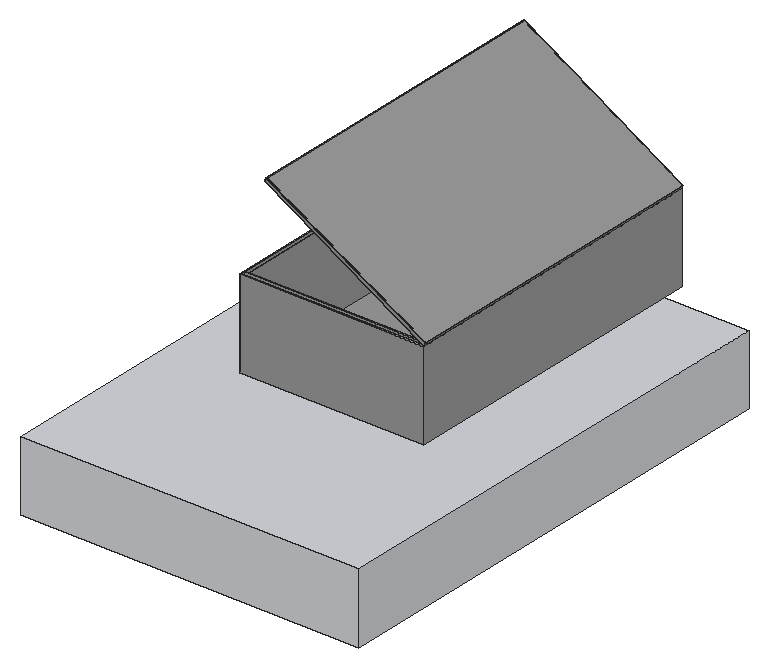
Revit family "Hager-Univers-IP55-D400-H1400-Cl.I-Steel_encl-CH-de", category Equipement électrique, Revit 2020
Family settings
  Hôte = Face
  Configuration du panneau = Deux colonnes, circuits au sein
  Cote de connecteur circulaire = Utiliser le diamètre
  Type d'élément = Tableau de raccordement
  Couper avec des vides une fois chargée = Non
  Partagée = Non
  Point de calcul de pièce = Non
Parameters (values of type "Aufputz IP55 B800 H1400 T400  - FR93G")
  Width Control [instance] = if([EF000008 - Breite] > Min Width, [EF000008 - Breite], Min Width)  # 800 mm
  Commentaires du type = [HG000003 - Bereich]  # "Univers"
  Thickness Door [instance] = if([EF009171 - Materialstärke Tür/Deckel] > 3 mm, 3 mm, [EF009171 - Materialstärke Tür/Deckel])  # 1.5 mm
  Seal Frame Offset [instance] = 17 mm  # constant formula
  Plinth Visibility [instance] = [HG000027 - Sockelhöhe] > 0 mm  # no
  Model = ""
  Min Width [instance] = 100 mm  # constant formula
  Min Height [instance] = 100 mm  # constant formula
  Min Depth [instance] = (2 * [EF009170 - Materialstärke Gehäuse]) + 1 mm  # 4 mm
  Internal Frame Depth [instance] = (Door System Depth * 0.5)  # 9 mm
  Height Control [instance] = if([EF000040 - Höhe] > Min Height, [EF000040 - Höhe], Min Height)  # 1400 mm
  HG000027 - Sockelhöhe = 0 mm
  HG000026 - Stehend auf dem Boden = no
  HG000024 - Höhe des unteren Teils = 800 mm
  HG000023 - Gehäuse mit doppeltem Querschnitt = no
  HG000016 - 3D-Türsichtbarkeit [instance] = yes
  HG000015 - Sichtbarkeit der Türöffnung [instance] = no
  HG000014 - Tür rechts [instance] = yes
  HG000013 - Tür links [instance] = not([HG000014 - Tür rechts])  # no
  HG000012 - Türschwenkwinkel [instance] = 30.00°
  HG000010 - Asymmetrische Türen = no
  HG000009 - Doppelflügeligen Tür = no
  HG000006 - Unterputz = no
  HG000004 - Herstellerreferenz = "FR93G"
  HG000003 - Bereich = "Univers"
  HG000002 - Mit tür = yes
  Frame Offset Bottom [instance] = 10 mm  # constant formula
  Frame Offset [instance] = 15 mm  # constant formula
  EF015940 - Deckel mit Überdruckentlastung = no
  EF011959 - Schutzart (NEMA) = ""
  EF009554 - Anzahl der Öffnungen für Flanschplatten = 6
  Fabricant = "Hager"  # constant formula
  EF009212 - Ausführung Deckel = "EV000116 - geschlossen"
  EF009171 - Materialstärke Tür/Deckel = 1.5 mm
  EF009170 - Materialstärke Gehäuse = 1.5 mm
  EF008873 - Nennstrom (In) = 800 A
  EF007800 - Geeignet für Blitzschutz = no
  EF006306 - Mit Schloss = no
  EF006244 - Transparenter Deckel/Tür = no
  EF005474 - Schutzart (IP) = "EV006420 - IP55"
  EF004464 - Art der Tür = "EV002646 - Einzel"
  EF004427 - Anzahl der Module = 324
  EF004293 - Schlagfestigkeit = "EV008784 - IK10"
  EF003532 - Geeignet für Außengebrauch = no
  EF002950 - Breite in Teilungseinheiten = 24
  EF001613 - Funktionserhalt = "EV000494 - ohne"
  EF001596 - Werkstoff des Gehäuses = "EV000179 - Stahl"
  EF001131 - Innentiefe = 400 mm
  EF001088 - Anbaumöglichkeit = yes
  EF000437 - Anzahl der Leitungseinführungen = 6
  EF000339 - Art der Abdeckung = "EV004216 - Tür"
  EF000266 - Anzahl der Reihen = 9
  EF000218 - Einbautiefe = 0 mm
  EF000118 - Mit Montageplatte = no
  EF000116 - RAL-Nummer = "7035"
  EF000049 - Tiefe = 400 mm
  EF000040 - Höhe = 1400 mm
  EF000008 - Breite = 800 mm
  EF000007 - Farbe = "EV000270 - grau"
  EF000003 - Montageart = "EV000384 - Aufputz"
  Door System Leaf Tolerance [instance] = 1.5 mm  # constant formula
  Door System Depth [instance] = 18 mm  # constant formula
  Door Height [instance] = Height Control - [HG000027 - Sockelhöhe]  # 1400 mm
  Depth Control [instance] = if([EF000049 - Tiefe] > Min Depth, [EF000049 - Tiefe], Min Depth)  # 400 mm
  Default Elevation = 0 mm
  Connector Offset [instance] = Height Control / 2  # 700 mm
  Bottom Top Plate Trim [instance] = 1.5 mm  # constant formula
  Plinth height Ctrl [instance] = if([HG000027 - Sockelhöhe] > 0 mm, [HG000027 - Sockelhöhe], 12 mm)  # 12 mm
Types (3, lengths in mm): name | Width Control | HG000009 - Doppelflügeligen Tür | HG000004 - Herstellerreferenz | EF009554 - Anzahl der Öffnungen für Flanschplatten | EF004464 - Art der Tür | EF004427 - Anzahl der Module | EF000437 - Anzahl der Leitungseinführungen | EF000008 - Breite
  Aufputz IP55 B1050 H1400 T400  - FR94G | 1050 | yes | "FR94G" | 8 | "EV003602 - Doppel" | 432 | 8 | 1050
  Aufputz IP55 B550 H1400 T400  - FR92G | 550 | no | "FR92G" | 4 | "EV002646 - Einzel" | 216 | 4 | 550
  Aufputz IP55 B800 H1400 T400  - FR93G | 800 | no | "FR93G" | 6 | "EV002646 - Einzel" | 324 | 6 | 800
Reference planes
  plane 1 "Center (Front/Back)": y = 0
  plane 2: z = 0
  plane 3 "Center (Left/Right)": x = 0
  plane 4: z = 400
  plane 5: y = 1.5
  plane 6: y = 700
  plane 7: y = 0
  plane 8: y = 1400
  plane 9: z = 0
  plane 10: x = -385
  plane 11: x = 385
  plane 12: x = 383.5
  plane 13: x = -383.5
  plane 14: y = 1398.5
  plane 15: x = -383
  plane 16: x = -400
  plane 17: x = 383
  plane 18: x = 400
  plane 19: x = 398.5
  plane 20: x = -398.5
  plane 21: y = 11.5
  plane 22: y = 1400
  plane 23: y = 1383.5
  plane 24: z = 382
  plane 25: z = 1.5
  plane 26: z = 380.5
  plane 27: z = 398.5
Forms (mm)
  Extrusion 1, solid
    sketch origin (0, 0, 0) x (1, 0, 0) y (0, 1, 0)
      loop
        line (-702.964, 1305) -> (-702.964, -811.445) -> (766.763, -811.445) -> (766.763, 1305) -> (-702.964, 1305)
    from 0 to -304.8
  Extrusion 2, solid, material "Hager_Steel_RAL7035_Light_Grey", visible <- "Plinth Visibility", detail levels medium+fine
    sketch origin (0, 0, 0) x (1, 0, 0) y (0, 1, 0)
      loop
        line (-400, 0) -> (400, 0) -> (400, 12) -> (-400, 12) -> (-400, 0)
    from 0 to 382
  Extrusion 3, solid, material "Hager_Steel_RAL7035_Light_Grey", detail levels medium+fine
    sketch origin (0, 0, 0) x (1, 0, 0) y (0, 1, 0)
      loop
        line (-400, 0) -> (400, 0) -> (400, 1400) -> (-400, 1400) -> (-400, 0)
    from 0 to 382
  Extrusion 4, void
    sketch origin (0, 0, 0) x (1, 0, 0) y (0, 1, 0)
      loop
        line (-398.5, 1.5) -> (398.5, 1.5) -> (398.5, 1398.5) -> (-398.5, 1398.5) -> (-398.5, 1.5)
    from 1.5 to 380.5
  Extrusion 5, void
    sketch origin (-381.607, -4572, 382) x (0, -1, 0) y (-1, 0, 0)
      loop
        line (-4583.5, 1.893) -> (-5955.5, 1.893) -> (-5955.5, -765.107) -> (-4583.5, -765.107) -> (-4583.5, 1.893)
    from 0 to 1.5 <- "EF009170 - Materialstärke Gehäuse"
  Extrusion 6, solid, material "Hager_Steel_RAL7035_Light_Grey", detail levels fine
    sketch origin (0, 0, 382) x (1, 0, 0) y (0, 1, 0)
      loop
        line (-383.5, 1383.5) -> (-383.5, 11.5) -> (383.5, 11.5) -> (383.5, 1383.5) -> (-383.5, 1383.5)
      loop
        line (-385, 10) -> (385, 10) -> (385, 1385) -> (-385, 1385) -> (-385, 10)
    from 0 to 9 <- "Internal Frame Depth"
  Extrusion 7, solid, material "Hager_Steel_RAL7035_Light_Grey", detail levels coarse
    sketch origin (0, 0, 0) x (1, 0, 0) y (0, 1, 0)
      loop
        line (-400, 0) -> (400, 0) -> (400, 1400) -> (-400, 1400) -> (-400, 0)
    from 0 to 400
  Sweep 8, void
    path in 3D
      loop
        line (-400, 12, 0) -> (400, 12, 0) -> (400, 12, 382) -> (-400, 12, 382) -> (-400, 12, 0)
    profile origin (-400, 12, 191) x (-1, 0, 0) y (0, -1, 0)
      loop
        line (0, 0) -> (0, 1.5) -> (-1.5, 1.5)
        arc (-1.5, 1.5) -> (-1.061, 0.439) -> (0, 0) r 1.5
Cuts and joins
  Extrusion 4, Extrusion 5 cuts Extrusion 3
  Sweep 8 cuts Extrusion 2
Lines and regions (mm)
  Masking region 1
    outline origin (0, 0, 0) x (1, 0, 0) y (0, 0, 1)
      loop
        line (-400, 400) -> (-400, 0) -> (400, 0) -> (400, 400) -> (-400, 400)
  Masking region 2, detail levels medium+fine
    outline origin (0, 140, 0) x (0, 1, 0) y (0, 0, 1)
      loop
        line (-140, 0) -> (1260, 0) -> (1260, 382) -> (-140, 382) -> (-140, 0)
  Masking region 3, not visible, detail levels medium+fine
    outline origin (0, 297.922, 0) x (0, 1, 0) y (0, 0, 1)
      loop
        line (413.578, 0) -> (453.578, 0) -> (453.578, 388.5)
        arc (453.578, 388.5) -> (450.649, 395.571) -> (443.578, 398.5) r 10
        line (443.578, 398.5) -> (413.578, 398.5) -> (413.578, 0)
  Masking region 4, detail levels coarse
    outline origin (0, 0, 180) x (0, 1, 0) y (0, 0, 1)
      loop
        line (0, -180) -> (1400, -180) -> (1400, 220) -> (0, 220) -> (0, -180)
  Masking region 5, visible <- "Plinth Visibility", detail levels medium+fine
    outline origin (0, 52.24, 12.345) x (0, 0, -1) y (0, 1, 0)
      loop
        line (10.845, -40.24) -> (-368.155, -40.24)
        arc (-368.155, -40.24) -> (-368.594, -41.301) -> (-369.655, -41.74) r 1.5
        line (-369.655, -41.74) -> (-369.655, -52.24) -> (12.345, -52.24) -> (12.345, -41.74)
        arc (12.345, -41.74) -> (11.285, -41.301) -> (10.845, -40.24) r 1.5
  Masking region 6, detail levels medium+fine
    outline origin (-381.607, -4572, 382) x (-1, 0, 0) y (0, -1, 0)
      loop
        line (18.393, -5972) -> (18.393, -4572) -> (-781.607, -4572) -> (-781.607, -5972) -> (18.393, -5972)
  Masking region 7, visible <- "Plinth Visibility", detail levels medium+fine
    outline origin (-381.607, -4727, 382) x (-1, 0, 0) y (0, -1, 0)
      loop
        arc (16.893, -4739) -> (17.332, -4737.939) -> (18.393, -4737.5) r 1.5
        line (18.393, -4737.5) -> (18.393, -4727) -> (-781.607, -4727) -> (-781.607, -4737.5)
        arc (-781.607, -4737.5) -> (-780.546, -4737.939) -> (-780.107, -4739) r 1.5
        line (-780.107, -4739) -> (16.893, -4739)
  Masking region 8, detail levels coarse
    outline origin (-442.548, -4669.526, 382) x (-1, 0, 0) y (0, -1, 0)
      loop
        line (-42.548, -6069.526) -> (-42.548, -4669.526) -> (-842.548, -4669.526) -> (-842.548, -6069.526) -> (-42.548, -6069.526)
  sketch lines
    curve 1: line (-400, 12, 382) -> (-400, 12, 0)
    curve 2: line (400, 12, 382) -> (-400, 12, 382)
    curve 3: line (400, 12, 382) -> (400, 12, 0)
    curve 4: line (-400, 12, 0) -> (400, 12, 0)
Dimensions and locks
  "Depth Control": plane 4 to Extrusion 1
  "HG000027 - Sockelhöhe": plane 1 "Center (Front/Back)" to plane 7
  "EF009170 - Materialstärke Gehäuse": plane 5 to plane 7
  locked: connector elem to plane 3 "Center (Left/Right)"
  equal spacing: plane 8, plane 6, plane 7
  locked: connector elem to plane 6
  "EF009170 - Materialstärke Gehäuse": plane 8 to plane 14
  "EF009170 - Materialstärke Gehäuse": plane 10 to plane 13
  "EF009170 - Materialstärke Gehäuse": plane 12 to plane 11
  "Frame Offset": plane 20 to plane 13
  "Frame Offset": plane 12 to plane 19
  "EF009170 - Materialstärke Gehäuse": plane 16 to plane 20
  "EF009170 - Materialstärke Gehäuse": plane 19 to plane 18
  "Seal Frame Offset": plane 16 to plane 15
  "Seal Frame Offset": plane 17 to plane 18
  "Frame Offset Bottom": plane 21 to plane 5
  "Frame Offset": plane 14 to plane 23
  equal spacing: plane 16, plane 3 "Center (Left/Right)", plane 18
  "Width Control": plane 16 to plane 18
  "EF009170 - Materialstärke Gehäuse": plane 4 to plane 27
  "EF009170 - Materialstärke Gehäuse": plane 24 to plane 26
  "EF009170 - Materialstärke Gehäuse": plane 25 to level
  "Door System Depth": plane 4 to plane 24
  "Height Control": plane 1 "Center (Front/Back)" to Extrusion 7 sketch curve
  "Height Control": Masking region 4 sketch curve to plane 1 "Center (Front/Back)"
  "Height Control": plane 1 "Center (Front/Back)" to plane 22
  "Bottom Top Plate Trim": profile plane to Sweep 8 sketch curve
  "Bottom Top Plate Trim": Sweep 8 sketch curve to profile plane
  "Plinth height Ctrl": plane 1 "Center (Front/Back)" to Extrusion 2 sketch curve
  "Plinth height Ctrl": Masking region 5 sketch curve to plane 1 "Center (Front/Back)"
  "Plinth height Ctrl": plane 1 "Center (Front/Back)" to Masking region 7 sketch curve
  "Thickness Door": Extrusion 6 sketch curve to Extrusion 6 sketch curve  (x3)
  "Thickness Door": cut or joined group of Extrusion 3, Extrusion 4, Extrusion 5 to Extrusion 6 sketch curve
  radius of Masking region 3 sketch curve = 10 mm
  "Bottom Top Plate Trim": radius of Masking region 5 sketch curve  (x2)
  "Bottom Top Plate Trim": radius of Sweep 8 sketch curve
  "Bottom Top Plate Trim": radius of Masking region 7 sketch curve  (x2)
  aligned and locked: plane 2 to Extrusion 1
  aligned and locked: level to Extrusion 1
  aligned and locked: level to Masking region 1 sketch curve
  aligned and locked: Masking region 1 sketch curve to plane 18
  aligned and locked: Masking region 1 sketch curve to plane 16
  aligned and locked: plane 7 to Masking region 2 sketch curve
  aligned and locked: level to Masking region 3 sketch curve
  aligned and locked: Masking region 3 sketch curve to plane 27
  aligned and locked: level to Masking region 2 sketch curve
  aligned and locked: plane 1 "Center (Front/Back)" to Extrusion 2 sketch curve
  aligned and locked: Extrusion 3 sketch curve to plane 7
  aligned and locked: plane 16 to Extrusion 3 sketch curve
  aligned and locked: plane 18 to Extrusion 3 sketch curve
  aligned and locked: plane 20 to Extrusion 4 sketch curve
  aligned and locked: plane 19 to Extrusion 4 sketch curve
  aligned and locked: Extrusion 4 sketch curve to plane 5
  aligned and locked: Extrusion 4 to plane 25
  aligned and locked: plane 26 to Extrusion 4
  aligned and locked: plane 24 to Extrusion 3
  aligned and locked: Extrusion 5 sketch curve to plane 21
  aligned and locked: Extrusion 5 sketch curve to plane 13
  aligned and locked: Extrusion 5 sketch curve to plane 12
  aligned and locked: plane 18 to Extrusion 7 sketch curve
  aligned and locked: plane 1 "Center (Front/Back)" to Extrusion 7 sketch curve
  aligned and locked: plane 16 to Extrusion 7 sketch curve
  aligned and locked: plane 4 to Extrusion 7
  aligned and locked: Extrusion 7 to level
  aligned and locked: level to Masking region 4 sketch curve
  aligned and locked: Masking region 4 sketch curve to plane 1 "Center (Front/Back)"
  aligned and locked: Masking region 4 sketch curve to plane 4
  aligned and locked: nested 1 to level
  aligned and locked: nested 1 to plane 16
  aligned and locked: plane 8 to Extrusion 3 sketch curve
  aligned and locked: plane 23 to Extrusion 5 sketch curve
  aligned and locked: plane 14 to Extrusion 4 sketch curve
  aligned and locked: Masking region 2 sketch curve to plane 8
  aligned and locked: level to Masking region 5 sketch curve
  aligned and locked: plane 16 to Extrusion 2 sketch curve
  aligned and locked: plane 18 to Extrusion 2 sketch curve
  aligned and locked: Masking region 5 sketch curve to plane 24
  aligned and locked: Masking region 2 sketch curve to plane 24
  aligned and locked: plane 24 to Extrusion 2
  aligned and locked: profile plane to Sweep 8 sketch curve  (x2)
  aligned and locked: Masking region 6 sketch curve to plane 18
  aligned and locked: Masking region 6 sketch curve to plane 22
  aligned and locked: Masking region 6 sketch curve to plane 16
  aligned and locked: plane 8 to plane 22
  aligned and locked: Masking region 6 sketch curve to plane 7
  aligned and locked: Masking region 7 sketch curve to plane 16
  aligned and locked: Masking region 7 sketch curve to plane 1 "Center (Front/Back)"
  aligned and locked: Masking region 7 sketch curve to plane 18
  aligned and locked: Masking region 8 sketch curve to plane 1 "Center (Front/Back)"
  aligned and locked: Masking region 8 sketch curve to plane 18
  aligned and locked: Masking region 8 sketch curve to plane 22
  aligned and locked: Masking region 8 sketch curve to plane 16
  aligned and locked: nested 2 to plane 7
  aligned and locked: plane 3 "Center (Left/Right)" to nested 2
  aligned and locked: nested 2 to plane 24
  aligned and locked: Extrusion 6 sketch curve to cut or joined group of Extrusion 3, Extrusion 4, Extrusion 5  (x4)
Automatic sketch dimensions
  Extrusion 1 sketch curve to Extrusion 1 sketch curve = 1469.727 mm
  Extrusion 1 sketch curve to Extrusion 1 sketch curve = 2116.445 mm
  Masking region 1 sketch curve to plane 4 = 0 mm
  plane 6 to Masking region 3 sketch curve = 11.5 mm
  Masking region 3 sketch curve to Masking region 3 sketch curve = 30 mm
  Masking region 5 sketch curve to plane 1 "Center (Front/Back)" = 0 mm
Nested families
  nested 1: "Hager_Enclosure_Symbol" at (-400, 0, 0) x (1, 0, 0) z (0, -1, 0), Height <- "Depth Control", Width <- "Width Control", type "Hager_Enclosure_Symbol"
    with Width_Ctrl 800 mm, Width 800 mm, Height_Ctrl 400 mm, Height 400 mm, A_Width_Int 26.25 mm, A_Width 315 mm, A_Height_Ctrl 350 mm, A_Height 350 mm
  nested 2: "EC000058_Univers_Door" at (0, 0, 382) x (1, 0, 0) z (0, 1, 0), Leaf_Tolerance <- "Door System Leaf Tolerance", Angle <- "HG000012 - Türschwenkwinkel", Door_Depth <- "Door System Depth", Door_Left <- "HG000013 - Tür links", Transparent <- "EF006244 - Transparenter Deckel/Tür", Assymetrical <- "HG000010 - Asymmetrische Türen", Width <- "Width Control", Clearance <- "HG000015 - Sichtbarkeit der Türöffnung", Double <- "HG000009 - Doppelflügeligen Tür", 3d_Door <- "HG000016 - 3D-Türsichtbarkeit", Lock_Visibility <- "EF006306 - Mit Schloss", Width_Ctrl <- "Width Control", Door_Right <- "HG000014 - Tür rechts", Door <- "HG000002 - Mit tür", Height <- "Door Height", Thickness <- "Thickness Door", type "EC000058_Univers_Door", detail levels medium+fine
    with min_wh 4 mm, Width_Ctrl 800 mm, Width 800 mm, Transparent no, Thickness 1.5 mm, Seal_Material Hager_Rubber, Lock_Visibility no, Lock_Material Hager_Plastic_RAL9005_Jet_Black, Leaf_Width 800 mm, Leaf_Tolerance_External_Sides 0 mm, Leaf_Tolerance 1.5 mm, Leaf_Offset 0 mm, Leaf_Height 1397 mm, Leaf_2_Width 800 mm, Leaf_2_Offset 400 mm, Leaf_1_Width 800 mm, Leaf_1_Offset 400 mm, Height_Ctrl 1400 mm, Height 1400 mm, Glass_Material Hager_Glass, Double_Clearance_Ctrl no, Double no, Door_Right_Ctrl yes, Door_Right yes, Door_Material Hager_Steel_RAL7035_Light_Grey, Door_Left_Ctrl no, Door_Left no, Door_Depth 18 mm, Door yes, Clearance_Material Hager_Clearance, Clearance_Depth 800 mm, Clearance_Ctrl no, Clearance no, Assymetrical no, Angle 30.00°, 3d_Door yes
Connectors
  electrical at (0, 700, 0)
    settings: on plane 9, index 1, voltage 0 V, apparent load 0 VA, apparent load phase1 0 VA, apparent load phase2 0 VA, apparent load phase3 0 VA, power factor 1, load classification "Other", number of poles 1, system type 30, power factor state 1, is connector primary yes, connector utility no, sub classification motor no, connector description ""
Definition of nested family "EC000058_Univers_Door"
  Parameters (values of type "EC000058_Univers_Door")
    min_wh [instance] = (2 * Thickness) + 1 mm  # 11 mm
    Width_Ctrl [instance] = 400 mm
    Width [instance] = 500 mm
    Transparent [instance] = yes
    Thickness [instance] = 5 mm
    Seal_Material [instance] = none
    Lock_Visibility [instance] = yes
    Lock_Material [instance] = none
    Leaf_Width [instance] = if((Width_Ctrl - 2 * Leaf_Tolerance_External_Sides) > 0 mm, (Width_Ctrl - 2 * Leaf_Tolerance_External_Sides), min_wh)  # 400 mm
    Leaf_Tolerance_External_Sides [instance] = 0 mm  # constant formula
    Leaf_Tolerance [instance] = 1.5 mm
    Leaf_Offset [instance] = 0 mm  # constant formula
    Leaf_Height [instance] = if((Height_Ctrl - 2 * Leaf_Tolerance) > 0 mm, (Height_Ctrl - 2 * Leaf_Tolerance), min_wh)  # 497 mm
    Leaf_2_Width [instance] = if(and(and(Double, Assymetrical), Door_Left), (Leaf_Width / 3) - (Leaf_Tolerance / 2), if(and(and(Double, Assymetrical), Door_Right), (Leaf_Width / 3) * 2 - (Leaf_Tolerance / 2), if(and(Double, not(Assymetrical)), (Leaf_Width / 2) - Leaf_Tolerance, Leaf_Width)))  # 400 mm
    Leaf_2_Offset [instance] = if(and(Double, Assymetrical), Leaf_2_Width / 2, if(and(Double, not(Assymetrical)), Leaf_Width / 4, Leaf_Width / 2))  # 200 mm
    Leaf_1_Width [instance] = if(and(and(Double, Assymetrical), Door_Right), (Leaf_Width / 3) - (Leaf_Tolerance / 2), if(and(and(Double, Assymetrical), Door_Left), (Width / 3) * 2 - (Leaf_Tolerance / 2), if(and(Double, not(Assymetrical)), (Leaf_Width / 2) - Leaf_Tolerance, Leaf_Width)))  # 400 mm
    Leaf_1_Offset [instance] = if(and(Double, Assymetrical), Leaf_1_Width / 2, if(and(Double, not(Assymetrical)), Leaf_Width / 4, Leaf_Width / 2))  # 200 mm
    Height_Ctrl [instance] = if(Height > min_wh, Height, min_wh)  # 500 mm
    Height [instance] = 500 mm
    Glass_Material [instance] = none
    Double_Clearance_Ctrl [instance] = and(Double, Clearance)  # no
    Double [instance] = no
    Door_Right_Ctrl [instance] = and(or(Door_Right, Double), Door)  # yes
    Door_Right [instance] = yes
    Door_Material [instance] = none
    Door_Left_Ctrl [instance] = and(or(Door_Left, Double), Door)  # no
    Door_Left [instance] = no
    Door_Depth [instance] = 30 mm
    Door [instance] = yes
    Default Elevation = 1219.2 mm
    Clearance_Material [instance] = none
    Clearance_Depth [instance] = if(Leaf_1_Width > Leaf_2_Width, Leaf_1_Width, Leaf_2_Width)  # 400 mm
    Clearance_Ctrl [instance] = and(not(Double), Clearance)  # yes
    Clearance [instance] = yes
    Assymetrical [instance] = yes
    Angle [instance] = 30.00°
    3d_Door [instance] = yes
  Reference planes
    plane 1 "Center (Front/Back)": y = 0
    plane 2 "Bottom": z = 0
    plane 3 "Center (Left/Right)": x = 0
    plane 4: z = 500
    plane 5: x = -200
    plane 6: x = 200
    plane 7: z = 500
    plane 8: x = -200
    plane 9: z = 0
    plane 10: x = 200
    plane 11: y = 0
    plane 12: z = 1.5
    plane 13: x = -600
    plane 14: y = -400
    plane 15: x = 600
    plane 16: x = 0
    plane 17: x = 0
    plane 18: x = -200
    plane 19: x = 200
    plane 20: z = 498.5
  Forms (mm)
    Extrusion 1, solid, material <- "Clearance_Material", visible <- "Double_Clearance_Ctrl"
      sketch origin (1200, 0, 0) x (1, 0, 0) y (0, 0, -1)
        loop
          line (-1800, -498.5) -> (-600, -498.5) -> (-600, 0) -> (-1800, 0) -> (-1800, -498.5)
      from 0 to -400
  Dimensions and locks
    equal spacing: plane 5, plane 3 "Center (Left/Right)", plane 6
    "Width_Ctrl": plane 5 to plane 6
    "Leaf_Offset": plane 5 to plane 8
    "Leaf_Offset": plane 6 to plane 10
    "Leaf_Offset": plane 9 to level
    "Leaf_Offset": plane 4 to plane 7
    "Height_Ctrl": plane 4 to level
    "Leaf_Tolerance": plane 12 to plane 9
    locked: plane 11 to plane 1 "Center (Front/Back)"
    "Leaf_1_Offset": plane 18 to plane 16
    "Leaf_2_Offset": plane 17 to plane 19
    "Leaf_1_Width": plane 13 to plane 8
    "Leaf_2_Width": plane 10 to plane 15
    "Clearance_Depth": plane 14 to plane 1 "Center (Front/Back)"
    "Leaf_Tolerance_External_Sides": plane 8 to plane 18
    "Leaf_Tolerance_External_Sides": plane 19 to plane 10
    "Leaf_Tolerance": plane 7 to plane 20
    aligned and locked: level to plane 2 "Bottom"
    aligned and locked: nested 1 to plane 16
    aligned and locked: nested 2 to plane 17
    aligned and locked: Extrusion 1 to plane 13
    aligned and locked: plane 15 to Extrusion 1
    aligned and locked: Extrusion 1 to plane 14
    aligned and locked: plane 12 to nested 1
    aligned and locked: nested 2 to plane 12
    aligned and locked: Extrusion 1 to plane 11
    aligned and locked: plane 20 to Extrusion 1
    aligned and locked: nested 2 to plane 11
    aligned and locked: nested 1 to plane 11
  Automatic sketch dimensions
    Extrusion 1 sketch curve to level = 0 mm
    plane 5 to Extrusion 1 sketch curve = 400 mm
    plane 6 to Extrusion 1 sketch curve = 400 mm
    Extrusion 1 sketch curve to plane 4 = 1.5 mm
  Nested families
    nested 1: "EC000058_Univers_Door_Leaf" at (0, 0, 1.5), Width <- "Leaf_1_Width", visible <- "Door_Left_Ctrl", Leaf_Height <- "Leaf_Height", Angle <- "Angle", 3d_Door <- "3d_Door", Transparent <- "Transparent", Clearance Material <- "Clearance_Material", Clearance <- "Clearance_Ctrl", Door_Material <- "Door_Material", Glass_Material <- "Glass_Material", Door_Depth <- "Door_Depth", Lock_Material <- "Lock_Material", Seal_Material <- "Seal_Material", Lock_Visibility <- "Lock_Visibility", Thickness <- "Thickness", type "EC000058_Univers_Door_Leaf"
      with Width 400 mm, Transparent_Glass_Offset 30 mm, Transparent_Ctrl yes, Transparent yes, Thickness 5 mm, Standard no, Seal_Material none, Seal_D2 8 mm, Seal_D1 1 mm, Offset_Internal_Frame 10 mm, Lock_Width 20 mm, Lock_Visibility_3d yes, Lock_Visibility yes, Lock_Thickness_3 3 mm, Lock_Thickness_2 1 mm, Lock_Thickness_1 3 mm, Lock_Radius_Offset_2 16 mm, Lock_Radius_Offset_1 15 mm, Lock_Radius_2 5 mm, Lock_Radius 6 mm, Lock_Offset 5 mm, Lock_Material none, Lock_Height 80 mm, Lock_Cover_Top_Offset_2d 17 mm, Lock_Cover_Height -65 mm, Leaf_Height 497 mm, Internal_Seal_Thickness 8 mm, Internal_Seal_Depth_2 4.5 mm, Internal_Frame_Depth 25 mm, Glass_Thickness -1 mm, Glass_Offset -2 mm, Glass_Material none, Door_Material none, Door_Depth 30 mm, Clearance Material none, Clearance yes, Angle_Ctrl 30.00°, Angle 30.00°, 3d_Door yes
    nested 2: "EC000058_Univers_Door_Leaf" at (0, 0, 1.5) x (-1, 0, 0) z (0, 0, 1), Width <- "Leaf_2_Width", visible <- "Door_Right_Ctrl", Leaf_Height <- "Leaf_Height", Angle <- "Angle", 3d_Door <- "3d_Door", Transparent <- "Transparent", Clearance Material <- "Clearance_Material", Clearance <- "Clearance_Ctrl", Door_Material <- "Door_Material", Glass_Material <- "Glass_Material", Door_Depth <- "Door_Depth", Lock_Material <- "Lock_Material", Seal_Material <- "Seal_Material", Lock_Visibility <- "Lock_Visibility", Thickness <- "Thickness", type "EC000058_Univers_Door_Leaf"
      with Width 400 mm, Transparent_Glass_Offset 30 mm, Transparent_Ctrl yes, Transparent yes, Thickness 5 mm, Standard no, Seal_Material none, Seal_D2 8 mm, Seal_D1 1 mm, Offset_Internal_Frame 10 mm, Lock_Width 20 mm, Lock_Visibility_3d yes, Lock_Visibility yes, Lock_Thickness_3 3 mm, Lock_Thickness_2 1 mm, Lock_Thickness_1 3 mm, Lock_Radius_Offset_2 16 mm, Lock_Radius_Offset_1 15 mm, Lock_Radius_2 5 mm, Lock_Radius 6 mm, Lock_Offset 5 mm, Lock_Material none, Lock_Height 80 mm, Lock_Cover_Top_Offset_2d 17 mm, Lock_Cover_Height -65 mm, Leaf_Height 497 mm, Internal_Seal_Thickness 8 mm, Internal_Seal_Depth_2 4.5 mm, Internal_Frame_Depth 25 mm, Glass_Thickness -1 mm, Glass_Offset -2 mm, Glass_Material none, Door_Material none, Door_Depth 30 mm, Clearance Material none, Clearance yes, Angle_Ctrl 30.00°, Angle 30.00°, 3d_Door yes
  Definition of nested family "EC000058_Univers_Door_Leaf"
    Parameters (values of type "EC000058_Univers_Door_Leaf")
      Width [instance] = 2000 mm
      Transparent_Glass_Offset [instance] = 30 mm
      Transparent_Ctrl [instance] = and(Transparent, [3d_Door])  # yes
      Transparent [instance] = yes
      Thickness [instance] = 5 mm
      Standard [instance] = and(not(Transparent), [3d_Door])  # no
      Seal_Material [instance] = none
      Seal_D2 [instance] = 8 mm  # constant formula
      Seal_D1 [instance] = 1 mm  # constant formula
      Offset_Internal_Frame [instance] = 10 mm  # constant formula
      Lock_Width [instance] = 20 mm  # constant formula
      Lock_Visibility_3d [instance] = and(Lock_Visibility, [3d_Door])  # yes
      Lock_Visibility [instance] = yes
      Lock_Thickness_3 [instance] = 3 mm  # constant formula
      Lock_Thickness_2 [instance] = 1 mm  # constant formula
      Lock_Thickness_1 [instance] = 3 mm  # constant formula
      Lock_Radius_Offset_2 [instance] = Lock_Radius_Offset_1 + 1 mm  # 16 mm
      Lock_Radius_Offset_1 [instance] = 15 mm  # constant formula
      Lock_Radius_2 [instance] = Lock_Radius - 1 mm  # 5 mm
      Lock_Radius [instance] = 6 mm  # constant formula
      Lock_Offset [instance] = 5 mm  # constant formula
      Lock_Material [instance] = none
      Lock_Height [instance] = 80 mm  # constant formula
      Lock_Cover_Top_Offset_2d [instance] = Lock_Radius_Offset_2 + 1 mm  # 17 mm
      Lock_Cover_Height [instance] = -(Lock_Height - Lock_Radius_Offset_1)  # -65 mm
      Leaf_Height [instance] = 2720.336 mm
      Internal_Seal_Thickness [instance] = 8 mm  # constant formula
      Internal_Seal_Depth_2 [instance] = 4.5 mm  # constant formula
      Internal_Frame_Depth [instance] = if(Door_Depth - Thickness > 5 mm, Door_Depth - Thickness, 5 mm)  # 25 mm
      Glass_Thickness [instance] = if(Thickness > 15 mm, Glass_Offset + 10 mm, -1 mm)  # -1 mm
      Glass_Offset [instance] = if(Thickness > 15 mm, -(Thickness + 10 mm) / 2, -2 mm)  # -2 mm
      Glass_Material [instance] = none
      Door_Material [instance] = none
      Door_Depth [instance] = 30 mm
      Default Elevation = 0 mm
      Clearance Material [instance] = none
      Clearance [instance] = yes
      Angle_Ctrl [instance] = if(Angle > 180.00°, 180.00°, Angle)  # 90.00°
      Angle [instance] = 90.00°
      3d_Door [instance] = yes
    Reference planes
      plane 1 "Center (Front/Back)": y = 0
      plane 2: z = 0
      plane 3 "Center (Left/Right)": x = 0
      plane 4: y = 2000
      plane 5: x = -1000
      plane 6: x = 1000
      plane 7: x = -3000
      plane 8: z = 2720.336
      plane 9: z = 30
      plane 10: z = 2690.336
      plane 11: x = 970
      plane 12: x = -970
      plane 13: y = -3
      plane 14: z = 107.833
      plane 15: y = -5
      plane 16: y = -223.314
      plane 17: x = -1000
      plane 18: z = 1360.168
      plane 19: y = 30
    Forms (mm)
      Extrusion 1, solid, material <- "Clearance Material", visible <- "Clearance"
        sketch origin (0, 0, 0) x (1, 0, 0) y (0, 0, 1)
          loop
            line (-3000, 2720.336) -> (-3000, 0) -> (1000, 0) -> (1000, 2720.336) -> (-3000, 2720.336)
        from 0 to -2000
      Extrusion 2, solid, material <- "Door_Material", visible <- "Standard", detail levels medium+fine
        sketch origin (-1000, 0, 0) x (0, 1, 0) y (-1, 0, 0)
          loop
            line (0, 30) -> (0, 25) -> (2000, 25) -> (2000, 30) -> (0, 30)
        from 0 to 2720.336 <- "Leaf_Height"
      Extrusion 3, solid, material <- "Door_Material", visible <- "Transparent_Ctrl", detail levels medium+fine
        sketch origin (-1000, 0, 0) x (0, 1, 0) y (-1, 0, 0)
          loop
            line (0, 25) -> (2000, 25) -> (2000, 30) -> (0, 30) -> (0, 25)
        from 0 to 2720.336 <- "Leaf_Height"
      Extrusion 4, void
        sketch origin (-1025, 2000, 0) x (0, 1, 0) y (0, 0, -1)
          loop
            line (-30, -2690.336) -> (-30, -30) -> (-1970, -30) -> (-1970, -2690.336) -> (-30, -2690.336)
        from 0 to 5 <- "Thickness"
      Sweep 5, solid, material <- "Seal_Material", visible <- "Transparent_Ctrl", detail levels fine
        path in 3D
          loop
            line (-1025, 30, 30) -> (-1025, 30, 2690.336) -> (-1025, 1970, 2690.336) -> (-1025, 1970, 30) -> (-1025, 30, 30)
        profile origin (-1025, 1000, 30) x (1, 0, 0) y (0, 0, 1)
          loop
            line (0, 0) -> (0, -8) -> (1, -8) -> (1, 0) -> (0, 0)
      Extrusion 6, solid, material <- "Glass_Material", visible <- "Transparent_Ctrl", detail levels medium+fine
        sketch origin (-1030, 0, 0) x (0, 1, 0) y (0, 0, -1)
          loop
            line (1970, -2690.336) -> (1970, -30) -> (30, -30) -> (30, -2690.336) -> (1970, -2690.336)
        from -2 <- "Glass_Offset" to -1 <- "Glass_Thickness"
      Extrusion 7, solid, material <- "Door_Material", visible <- "3d_Door", detail levels medium+fine
        sketch origin (-1025, 2000, 0) x (0, -1, 0) y (0, 0, -1)
          loop
            line (0, -2720.336) -> (2000, -2720.336) -> (2000, 0) -> (0, 0) -> (0, -2720.336)
          loop
            line (1995, -5) -> (5, -5) -> (5, -2715.336) -> (1995, -2715.336) -> (1995, -5)
        from 0 to 25 <- "Internal_Frame_Depth"
      Sweep 8, solid, material <- "Seal_Material", visible <- "Transparent_Ctrl", detail levels fine
        path in 3D
          loop
            line (-1025, 0, 0) -> (-1025, 2000, 0) -> (-1025, 2000, 2720.336) -> (-1025, 0, 2720.336) -> (-1025, 0, 0)
        profile origin (-1025, 0, 1360.168) x (1, 0, 0) y (0, 1, 0)
          loop
            line (0, 10) -> (2.975, 10)
            arc (2.975, 10) -> (4.053, 10.447) -> (4.5, 11.525) r 1.525
            line (4.5, 11.525) -> (4.5, 16.527)
            arc (4.5, 16.527) -> (4.069, 17.569) -> (3.027, 18) r 1.473
            line (3.027, 18) -> (0, 18) -> (0, 10)
      Extrusion 9, solid, material <- "Lock_Material", visible <- "Lock_Visibility_3d", detail levels fine
        sketch origin (-1030, 0, 0) x (0, 1, 0) y (0, 0, -1)
          loop
            arc (1993.5, -1400.168) -> (1994.561, -1399.729) -> (1995, -1398.668) r 1.5
            line (1995, -1398.668) -> (1995, -1320.168) -> (1975, -1320.168) -> (1975, -1398.668)
            arc (1975, -1398.668) -> (1975.439, -1399.729) -> (1976.5, -1400.168) r 1.5
            line (1976.5, -1400.168) -> (1993.5, -1400.168)
        from 3 <- "Lock_Thickness_1" to 0
      Blend 10, solid, material <- "Lock_Material", visible <- "Lock_Visibility_3d", detail levels fine
        base sketch origin (-1033, 0, 0) x (0, 1, 0) y (0, 0, -1)
          loop
            line (1975, -1320.168) -> (1975, -1398.668)
            arc (1975, -1398.668) -> (1975.439, -1399.729) -> (1976.5, -1400.168) r 1.5
            line (1976.5, -1400.168) -> (1993.5, -1400.168)
            arc (1993.5, -1400.168) -> (1994.561, -1399.729) -> (1995, -1398.668) r 1.5
            line (1995, -1398.668) -> (1995, -1320.168) -> (1975, -1320.168)
        top sketch origin (-1033, 0, 0) x (0, 1, 0) y (0, 0, -1)
          loop
            line (1976, -1320.168) -> (1976, -1398.668)
            arc (1976, -1398.668) -> (1976.146, -1399.022) -> (1976.5, -1399.168) r 0.5
            line (1976.5, -1399.168) -> (1993.5, -1399.168)
            arc (1993.5, -1399.168) -> (1993.854, -1399.022) -> (1994, -1398.668) r 0.5
            line (1994, -1398.668) -> (1994, -1320.168) -> (1976, -1320.168)
        from 0 to 1 <- "Lock_Thickness_2"
      Blend 11, solid, material <- "Lock_Material", visible <- "Lock_Visibility_3d", detail levels fine
        base sketch origin (-1034, 0, 0) x (0, 1, 0) y (0, 0, -1)
          loop
            line (1978, -1320.168) -> (1978, -1384.168)
            arc (1978, -1384.168) -> (1985, -1391.168) -> (1992, -1384.168) r 7
            line (1992, -1384.168) -> (1992, -1320.168) -> (1978, -1320.168)
        top sketch origin (-1034, 0, 0) x (0, 1, 0) y (0, 0, -1)
          loop
            line (1991, -1320.168) -> (1979, -1320.168) -> (1979, -1383.168)
            arc (1979, -1383.168) -> (1985, -1389.168) -> (1991, -1383.168) r 6
            line (1991, -1383.168) -> (1991, -1320.168)
        from 0 to 3 <- "Lock_Thickness_3"
      Extrusion 12, solid, material <- "Lock_Material", visible <- "Lock_Visibility_3d", detail levels fine
        sketch origin (-1030, 1975, 1320.168) x (1, 0, 0) y (0, -1, 0)
          loop
            line (-7, -19) -> (-7, -1) -> (0, -1) -> (0, 0) -> (-8, 0) -> (-8, -20) -> (0, -20) -> (0, -19) -> (-7, -19)
        from 0 to -65 <- "Lock_Cover_Height"
      Extrusion 13, void
        sketch origin (-1038, 1995, 1320.168) x (-1, 0, 0) y (0, 0, -1)
          loop
            line (-5, -65) -> (0, -65) -> (-5, -60) -> (-5, -65)
        from 0 to 20 <- "Lock_Width"
      Extrusion 14, void
        sketch origin (-1038, 1975, 1320.168) x (0, -1, 0) y (0, 0, -1)
          loop
            circle (-10, -15.995) r 6
          loop
            circle (-10, -15.995) r 5
        from 0 to 2
      Extrusion 15, solid, material <- "Lock_Material", visible <- "Lock_Visibility_3d", detail levels medium
        sketch origin (-1030, 0, 0) x (0, 1, 0) y (0, 0, -1)
          loop
            arc (1993.5, -1400.168) -> (1994.561, -1399.729) -> (1995, -1398.668) r 1.5
            line (1995, -1398.668) -> (1995, -1320.168) -> (1975, -1320.168) -> (1975, -1398.668)
            arc (1975, -1398.668) -> (1975.439, -1399.729) -> (1976.5, -1400.168) r 1.5
            line (1976.5, -1400.168) -> (1993.5, -1400.168)
        from 8 to 0
    Cuts and joins
      Extrusion 4 cuts Extrusion 3
      Extrusion 13, Extrusion 14 cuts Extrusion 9
      Extrusion 14 cuts Blend 11
      Extrusion 13, Extrusion 14 cuts Extrusion 12
      joined: Extrusion 9, Blend 10, Blend 11, Extrusion 12
      Extrusion 14 cuts Extrusion 15
    Lines and regions (mm)
      Masking region 1, visible <- "Lock_Visibility", detail levels fine
        outline origin (0, 0, 0) x (0, 1, 0) y (0, 0, 1)
          loop
            line (30, 1320.168) -> (33, 1320.168) -> (33, 1400.168) -> (30, 1400.168) -> (30, 1320.168)
      Masking region 2, visible <- "Lock_Visibility", detail levels fine
        outline origin (0, 3.143, 0) x (0, 1, 0) y (0, 0, 1)
          loop
            line (29.857, 1354.168) -> (30.857, 1354.168) -> (30.857, 1366.168) -> (29.857, 1366.168) -> (29.857, 1354.168)
      Masking region 3, detail levels medium+fine
        outline origin (0, 0, 0) x (0, 1, 0) y (0, 0, 1)
          loop
            line (0, 0) -> (30, 0) -> (30, 2720.336) -> (0, 2720.336) -> (0, 0)
      Masking region 4, detail levels medium+fine
        outline origin (0, 0, 0) x (1, 0, 0) y (0, 0, 1)
          loop
            line (-1000, 2720.336) -> (-1000, 0) -> (1000, 0) -> (1000, 2720.336) -> (-1000, 2720.336)
      Masking region 5, visible <- "Lock_Visibility", detail levels fine
        outline origin (-47.116, 0, 0) x (1, 0, 0) y (0, 0, 1)
          loop
            arc (1024.616, 1399.168) -> (1023.556, 1398.729) -> (1023.116, 1397.668) r 1.5
            line (1023.116, 1397.668) -> (1023.116, 1320.168) -> (1041.116, 1320.168) -> (1041.116, 1397.668)
            arc (1041.116, 1397.668) -> (1040.677, 1398.729) -> (1039.616, 1399.168) r 1.5
            line (1039.616, 1399.168) -> (1024.616, 1399.168)
      Masking region 6, visible <- "Lock_Visibility", detail levels medium+fine
        outline origin (-25, 0, 0) x (1, 0, 0) y (0, 0, 1)
          loop
            arc (1001.5, 1400.168) -> (1000.439, 1399.729) -> (1000, 1398.668) r 1.5
            line (1000, 1398.668) -> (1000, 1320.168) -> (1020, 1320.168) -> (1020, 1398.668)
            arc (1020, 1398.668) -> (1019.561, 1399.729) -> (1018.5, 1400.168) r 1.5
            line (1018.5, 1400.168) -> (1001.5, 1400.168)
      Masking region 7, visible <- "Lock_Visibility", detail levels fine
        outline origin (-73.735, 0, 0) x (1, 0, 0) y (0, 0, 1)
          loop
            line (1051.735, 1382.168) -> (1065.735, 1382.168) -> (1065.735, 1384.168)
            arc (1065.735, 1384.168) -> (1058.735, 1391.168) -> (1051.735, 1384.168) r 7
            line (1051.735, 1384.168) -> (1051.735, 1382.168)
      Masking region 8, visible <- "Lock_Visibility", detail levels fine
        outline origin (-73.735, 0, 0) x (1, 0, 0) y (0, 0, 1)
          loop
            line (1052.735, 1382.168) -> (1064.735, 1382.168) -> (1064.735, 1383.168)
            arc (1064.735, 1383.168) -> (1058.735, 1389.168) -> (1052.735, 1383.168) r 6
            line (1052.735, 1383.168) -> (1052.735, 1382.168)
      Masking region 9, visible <- "Lock_Visibility", detail levels fine
        outline origin (-25, 0, 0) x (1, 0, 0) y (0, 0, 1)
          loop
            line (1020, 1320.168) -> (1020, 1382.168) -> (1000, 1382.168) -> (1000, 1320.168) -> (1020, 1320.168)
      Masking region 10, detail levels medium+fine
        outline origin (0, 0, 0) x (1, 0, 0) y (0, 0, 1)
          loop
            circle (985, 1335.144) r 6
      Masking region 11, detail levels fine
        outline origin (0, 0, 0) x (1, 0, 0) y (0, 0, 1)
          loop
            circle (985, 1335.144) r 5
      Masking region 12, visible <- "Lock_Visibility", detail levels fine
        outline origin (0, 12.767, 0) x (0, 1, 0) y (0, 0, 1)
          loop
            line (20.233, 1320.168) -> (21.233, 1320.168) -> (21.233, 1399.168) -> (20.233, 1400.168) -> (20.233, 1320.168)
      Masking region 13, visible <- "Lock_Visibility", detail levels fine
        outline origin (0, 13.767, -10) x (0, 1, 0) y (0, 0, 1)
          loop
            line (20.233, 1330.168) -> (23.233, 1330.168) -> (23.233, 1399.168) -> (20.233, 1402.168) -> (20.233, 1330.168)
      Masking region 14, visible <- "Lock_Visibility", detail levels fine
        outline origin (0, 12.767, -10) x (0, 1, 0) y (0, 0, 1)
          loop
            line (20.233, 1330.168) -> (25.233, 1330.168) -> (25.233, 1399.305) -> (20.233, 1394.305) -> (20.233, 1330.168)
      Masking region 15, visible <- "Lock_Visibility", detail levels medium
        outline origin (0, 0, 0) x (0, 1, 0) y (0, 0, 1)
          loop
            line (30, 1320.168) -> (38, 1320.168) -> (38, 1400.168) -> (30, 1400.168) -> (30, 1320.168)
      Masking region 16, visible <- "Lock_Visibility", detail levels fine
        outline origin (-1000, 0, 0) x (0, 1, 0) y (-1, 0, 0)
          loop
            line (1975, 30) -> (1995, 30) -> (1995, 38) -> (1975, 38) -> (1975, 30)
          loop
            line (1979, 37) -> (1976, 37) -> (1976, 34) -> (1978, 34) -> (1979, 37)
          loop
            line (1994, 37) -> (1991, 37) -> (1992, 34) -> (1994, 34) -> (1994, 37)
      Masking region 17, visible <- "Lock_Visibility", detail levels medium
        outline origin (-1000, 0, 0) x (0, 1, 0) y (-1, 0, 0)
          loop
            line (1975, 30) -> (1995, 30) -> (1995, 38) -> (1975, 38) -> (1975, 30)
      symbolic lines
        curve 1: line (1000, 0, 0) -> (-3000, 0, 0)
        curve 2: arc (1000, 0, 0) -> (-1000, 2000, 0) -> (-3000, 0, 0) r 2000
        curve 4: line (-1030, 0, 0) -> (-1030, 2000, 0)
      reference lines
        curve 3: line (-1000, 0, 0) -> (-1000, 2000, 0)
      symbolic lines, detail levels medium+fine
        curve 5: line (-1030, 2000, 0) -> (-1025, 2000, 0)
        curve 7: line (-1025, 0, 0) -> (-1030, 0, 0)
        curve 8: line (-1025, 0, 0) -> (-1000, 0, 0)
        curve 9: line (-1000, 0, 0) -> (-1000, 2000, 0)
        curve 10: line (-1000, 2000, 0) -> (-1025, 2000, 0)
      symbolic lines, detail levels fine
        curve 6: line (-1025, 2000, 0) -> (-1025, 0, 0)
      sketch lines
        curve 11: line (-1025, 0, 2720.336) -> (-1025, 0, 0)
        curve 12: line (-1025, 2000, 0) -> (-1025, 0, 0)
        curve 13: line (-1025, 2000, 2720.336) -> (-1025, 2000, 0)
        curve 14: line (-1025, 0, 2720.336) -> (-1025, 2000, 2720.336)
        curve 15: line (-1025, 1970, 30) -> (-1025, 30, 30)
        curve 16: line (-1025, 30, 30) -> (-1025, 30, 2690.336)
        curve 17: line (-1025, 1970, 2690.336) -> (-1025, 1970, 30)
        curve 18: line (-1025, 30, 2690.336) -> (-1025, 1970, 2690.336)
      symbolic lines, visible <- "Transparent", detail levels medium+fine
        curve 19: line (-970, 0, 2690.336) -> (970, 0, 2690.336)
        curve 20: line (-970, 0, 30) -> (-970, 0, 2690.336)
        curve 21: line (970, 0, 30) -> (-970, 0, 30)
        curve 22: line (970, 0, 2690.336) -> (970, 0, 30)
    Dimensions and locks
      "Width": plane 1 "Center (Front/Back)" to plane 4
      equal spacing: plane 5, plane 3 "Center (Left/Right)", plane 6
      "Width": plane 5 to plane 6
      "Width": plane 7 to plane 5
      "Leaf_Height": plane 8 to level
      "Width": curve 5 to curve 3
      "Width": curve 3 to curve 3
      plane 8 to plane 10 = 30 mm
      plane 9 to level = 30 mm
      plane 12 to plane 5 = 30 mm
      plane 6 to plane 11 = 30 mm
      Extrusion 1 to Extrusion 4 sketch curve = 30 mm
      "Transparent_Glass_Offset": curve 3 to Extrusion 4 sketch curve
      "Transparent_Glass_Offset": Extrusion 4 sketch curve to cut or joined group of Extrusion 3, Extrusion 4  (x2)
      cut or joined group of Extrusion 3, Extrusion 4 to Extrusion 6 sketch curve = 30 mm
      "Transparent_Glass_Offset": cut or joined group of Extrusion 3, Extrusion 4 to Extrusion 4 sketch curve
      "Thickness": curve 6 to curve 4
      "Thickness": Extrusion 7 sketch curve to Extrusion 7 sketch curve  (x4)
      "Door_Depth": curve 4 to curve 3
      "Offset_Internal_Frame": profile plane to Sweep 8 sketch curve
      "Internal_Seal_Thickness": Sweep 8 sketch curve to Sweep 8 sketch curve
      "Internal_Seal_Depth_2": profile plane to Sweep 8 sketch curve
      "Seal_D1": profile plane to Sweep 5 sketch curve
      "Seal_D2": profile plane to Sweep 5 sketch curve
      "Thickness": Extrusion 2 sketch curve to Extrusion 2 sketch curve
      equal spacing: Extrusion 9 sketch curve, plane 18, Extrusion 9 sketch curve  (x2)
      equal spacing: Masking region 1 sketch curve, plane 18, Masking region 1 sketch curve
      "Lock_Height": Masking region 1 sketch curve to Masking region 1 sketch curve
      "Lock_Radius": Masking region 2 sketch curve to plane 18 to Masking region 2 sketch curve
      Masking region 2 sketch curve to Masking region 1 = 1 mm
      "Door_Depth": plane 19 to plane 1 "Center (Front/Back)"
      "Lock_Thickness_1": Masking region 1 sketch curve to plane 19
      "Lock_Width": Extrusion 9 sketch curve to Extrusion 9 sketch curve
      "Lock_Height": Extrusion 9 sketch curve to Extrusion 9 sketch curve
      "Lock_Offset": cut or joined group of Extrusion 3, Extrusion 4 to Extrusion 9 sketch curve
      equal spacing: plane 8, plane 18, level
      "Lock_Radius_Offset_1": Blend 11 sketch curve to Blend 10
      locked: Blend 10 to Blend 11 sketch curve at 2  (x2)
      locked: var sketch to Blend 11 sketch curve at 1  (x2)
      "Lock_Radius_Offset_2": Blend 11 sketch curve to Blend 10
      locked: Extrusion 12 sketch curve to Extrusion 12 sketch curve at 1  (x3)
      Masking region 6 sketch curve to Masking region 6 sketch curve = 80 mm
      "Lock_Height": Masking region 6 sketch curve to Masking region 6 sketch curve
      "Lock_Width": Masking region 6 sketch curve to Masking region 6 sketch curve
      locked: Masking region 6 to Masking region 5 sketch curve at 1  (x3)
      locked: Masking region 5 to Masking region 7 sketch curve at 2  (x2)
      "Lock_Radius_Offset_1": Masking region 5 to Masking region 7 sketch curve
      "Lock_Radius_Offset_2": Masking region 5 to Masking region 8 sketch curve
      locked: Masking region 7 to Masking region 8 sketch curve at 1  (x2)
      "Lock_Cover_Top_Offset_2d": Masking region 5 to Masking region 9 sketch curve
      equal spacing: Masking region 9, Masking region 10 sketch curve, Masking region 9
      equal spacing: Masking region 9, Masking region 11 sketch curve, Masking region 9
      Extrusion 15 sketch curve to Extrusion 15 sketch curve = 80 mm
      "Lock_Width": Extrusion 15 sketch curve to Extrusion 15 sketch curve
      "Lock_Height": Extrusion 15 sketch curve to Extrusion 15 sketch curve
      equal spacing: Extrusion 15 sketch curve, plane 18, Extrusion 15 sketch curve
      "Lock_Thickness_3": Masking region 13 sketch curve to Masking region 13 sketch curve
      "Lock_Height": Masking region 12 sketch curve to Masking region 12 sketch curve
      locked: Masking region 13 sketch curve to Masking region 1 at 8
      locked: Masking region 14 sketch curve to Masking region 13 at 1
      locked: Masking region 14 sketch curve to Masking region 1 at 10.863
      "Lock_Height": Masking region 15 sketch curve to Masking region 15 sketch curve
      "Lock_Offset": Extrusion 15 sketch curve to cut or joined group of Extrusion 3, Extrusion 4
      "Lock_Offset": plane 6 to Masking region 6 sketch curve
      radius of Sweep 8 sketch curve = 1.525 mm
      radius of Sweep 8 sketch curve = 1.473 mm
      radius of Extrusion 9 sketch curve = 1.5 mm  (x2)
      "Lock_Radius": radius of Extrusion 14 sketch curve
      "Lock_Radius_2": radius of Extrusion 14 sketch curve
      "Lock_Radius": radius of Masking region 10 sketch curve
      "Lock_Radius_2": radius of Masking region 11 sketch curve
      radius of Extrusion 15 sketch curve = 1.5 mm  (x2)
      "Angle_Ctrl": angle plane 1 "Center (Front/Back)" to curve 3
      locked: Masking region 12 sketch curve to Masking region 12 sketch curve (angle 45.00°)
      locked: Masking region 13 sketch curve to Masking region 13 sketch curve (angle 45.00°)
      locked: Masking region 14 sketch curve to Masking region 14 sketch curve (angle 45.00°)
      aligned and locked: level to plane 2
      aligned and locked: Extrusion 1 to curve 1
      aligned and locked: plane 6 to Extrusion 1
      aligned and locked: Extrusion 1 to plane 1 "Center (Front/Back)"
      aligned and locked: plane 4 to Extrusion 1
      aligned and locked: plane 8 to Extrusion 1
      aligned and locked: curve 7 to Extrusion 2 sketch curve
      aligned and locked: curve 5 to Extrusion 2 sketch curve
      aligned and locked: curve 7 to Extrusion 3 sketch curve
      aligned and locked: Extrusion 3 sketch curve to curve 4
      aligned and locked: Extrusion 3 sketch curve to curve 6
      aligned and locked: Extrusion 3 sketch curve to curve 5
      aligned and locked: curve 9 to curve 3
      aligned and locked: Extrusion 7 sketch curve to cut or joined group of Extrusion 3, Extrusion 4  (x4)
      aligned and locked: plane 17 to curve 3
      aligned and locked: plane 1 "Center (Front/Back)" to curve 3
      aligned and locked: plane 17 to plane 5
      aligned and locked: Sweep 8 sketch curve to profile plane
      aligned and locked: Sweep 5 sketch curve to profile plane  (x2)
      aligned and locked: Masking region 1 to Masking region 2 sketch curve
      aligned and locked: plane 19 to Masking region 1 sketch curve
      aligned and locked: plane 1 "Center (Front/Back)" to Masking region 3 sketch curve
      aligned and locked: plane 19 to Masking region 3 sketch curve
      aligned and locked: level to Masking region 3 sketch curve
      aligned and locked: Masking region 3 sketch curve to plane 8
      aligned and locked: plane 17 to Masking region 4 sketch curve
      aligned and locked: level to Masking region 4 sketch curve
      aligned and locked: Masking region 4 sketch curve to plane 8
      aligned and locked: plane 12 to curve 20
      aligned and locked: plane 10 to curve 19
      aligned and locked: plane 11 to curve 22
      aligned and locked: curve 21 to plane 9
      aligned and locked: Extrusion 2 sketch curve to cut or joined group of Extrusion 3, Extrusion 4
      aligned and locked: Blend 10 sketch curve to Extrusion 9  (x4)
      aligned and locked: Extrusion 9 to Blend 10 sketch curve
      aligned and locked: Blend 10 to Blend 11 sketch curve
      aligned and locked: Extrusion 12 sketch curve to Blend 11
      aligned and locked: Extrusion 12 sketch curve to Extrusion 9  (x4)
      aligned and locked: Masking region 5 sketch curve to Masking region 6
      aligned and locked: Masking region 9 sketch curve to Masking region 6  (x3)
      aligned and locked: Masking region 12 sketch curve to Masking region 1
      aligned and locked: Masking region 13 sketch curve to Masking region 1
      aligned and locked: Masking region 12 to Masking region 14
      aligned and locked: Masking region 14 sketch curve to Masking region 1
      aligned and locked: Masking region 15 sketch curve to Masking region 14
      aligned and locked: Masking region 13 sketch curve to Masking region 12
      aligned and locked: Masking region 16 sketch curve to cut or joined group of Extrusion 14, Extrusion 15  (x4)
      aligned and locked: Masking region 16 sketch curve to cut or joined group of Extrusion 9, Blend 10, Blend 11, Extrusion 12, Extrusion 13, Extrusion 14  (x6)
      aligned and locked: cut or joined group of Extrusion 9, Blend 10, Blend 11, Extrusion 12, Extrusion 13, Extrusion 14 to Masking region 16 sketch curve
      aligned and locked: Masking region 17 sketch curve to cut or joined group of Extrusion 14, Extrusion 15  (x3)
      aligned and locked: Masking region 17 sketch curve to cut or joined group of Extrusion 9, Blend 10, Blend 11, Extrusion 12, Extrusion 13, Extrusion 14
      aligned and locked: Masking region 9 to Masking region 8 sketch curve
      aligned and locked: Masking region 9 to Masking region 7 sketch curve
    Automatic sketch dimensions
      plane 1 "Center (Front/Back)" to curve 2 = 0 mm
      curve 2 to plane 5 = 0 mm
      Extrusion 1 sketch curve to level = 0 mm
      Extrusion 1 sketch curve to plane 7 = 0 mm
      Extrusion 1 sketch curve to plane 6 = 0 mm
      Extrusion 1 sketch curve to plane 8 = 0 mm
      Extrusion 3 to Extrusion 6 sketch curve = 30 mm  (x4)
      Masking region 4 sketch curve to plane 6 = 0 mm
      Blend 10 sketch curve to Extrusion 9 = 1.5 mm
      Blend 10 sketch curve to Extrusion 9 = 1 mm
      Extrusion 13 sketch curve to Extrusion 12 = 0 mm  (x2)
      Extrusion 12 to Extrusion 13 sketch curve = 3 mm
      Extrusion 13 sketch curve to Extrusion 12 = 5 mm
      Extrusion 14 sketch curve to Extrusion 14 sketch curve = 0 mm  (x2)
      Extrusion 14 sketch curve to Extrusion 12 = 10 mm
      Extrusion 14 sketch curve to Extrusion 12 = 15.995 mm
      Masking region 5 sketch curve to Masking region 5 sketch curve = 1.5 mm  (x2)
      Masking region 10 sketch curve to plane 18 = 25.024 mm
      Masking region 11 sketch curve to plane 18 = 25.024 mm
      plane 19 to Masking region 14 sketch curve = 3 mm
      Masking region 16 sketch curve to Masking region 16 sketch curve = 3 mm
      curve 4 to curve 3 = 0 mm
      Blend 10 to Blend 11 sketch curve = 0 mm
      Masking region 6 sketch curve to Masking region 6 sketch curve = 1.5 mm  (x2)
      Masking region 6 sketch curve to plane 18 = 40 mm
      plane 19 to Masking region 12 sketch curve = 3 mm
      Masking region 12 sketch curve to Masking region 12 sketch curve = 1 mm
      Masking region 15 sketch curve to plane 19 = 0 mm
      Masking region 15 sketch curve to plane 18 = 40 mm
      radius of Blend 10 sketch curve to Extrusion 9 = 1 mm
Definition of nested family "Hager_Enclosure_Symbol"
  Parameters (values of type "Hager_Enclosure_Symbol")
    Width_Ctrl [instance] = if(Width > 1 mm, Width, 1 mm)  # 102.27 mm
    Width [instance] = 102.27 mm
    Height_Ctrl [instance] = if(Height > 1 mm, Height, 1 mm)  # 66.5 mm
    A_Width_Int [instance] = if(A_Width / 12 > 2 mm, A_Width / 12, 2 mm)  # 4.364 mm
    A_Width [instance] = if(A_Height_Ctrl * 0.9 > 2 mm, A_Height_Ctrl * 0.9, 2 mm)  # 52.369 mm
    A_Height_Ctrl [instance] = if(A_Height > 2 mm, A_Height, 2 mm)  # 58.188 mm
    Height [instance] = 66.5 mm
    A_Height [instance] = Height - (Height / 8)  # 58.188 mm
  Reference planes
    plane 1 "Centre (avant/arrière)": y = 0
    plane 2: z = 0
    plane 3 "Centre (gauche/droite)": x = 0
    plane 4: x = 52.369
    plane 5: y = 33.042
    plane 6: y = 41.77
    plane 7: y = 66.5
    plane 8: x = 26.184
    plane 9: y = 37.406
    plane 10: x = 102.27
    plane 11: y = 66.5
    plane 12: y = 8.313
  Lines and regions (mm)
    Filled region 1, type "Solid_Black", in view "Niveau de réf."
      outline origin (0, 0, 0) x (1, 0, 0) y (0, 1, 0)
        loop
          line (52.369, 66.5) -> (33.188, 54.536) -> (45.365, 45.006) -> (52.369, 66.5)
    Filled region 2, type "Solid_Black", in view "Niveau de réf."
      outline origin (0, 0, 0) x (1, 0, 0) y (0, 1, 0)
        loop
          line (0, 0) -> (102.27, 0) -> (102.27, 66.5) -> (0, 0)
    detail lines, in view "Niveau de réf."
      curve 1: line (0, 8.313, 0) -> (26.184, 41.77, 0)
      curve 2: line (26.184, 41.77, 0) -> (26.184, 33.042, 0)
      curve 3: line (26.184, 33.042, 0) -> (52.369, 66.5, 0)
  Dimensions and locks
    "A_Width": plane 3 "Centre (gauche/droite)" to plane 4
    equal spacing: plane 3 "Centre (gauche/droite)", plane 8, plane 4
    equal spacing: plane 6, plane 9, plane 5
    equal spacing: curve 3, Filled region 1 sketch curve, Filled region 1 sketch curve
    "Height_Ctrl": plane 1 "Centre (avant/arrière)" to plane 11
    "A_Height_Ctrl": plane 11 to plane 12
    equal spacing: plane 11, plane 9, plane 12
    "A_Width_Int": plane 6 to plane 9
    "Width_Ctrl": plane 3 "Centre (gauche/droite)" to plane 10
    angle Filled region 1 sketch curve to curve 3 = 20.00°
    angle curve 3 to Filled region 1 sketch curve = 20.00°
    locked: curve 3 to Filled region 1 sketch curve (angle 90.00°)
    aligned and locked: plane 10 to Filled region 2
    aligned and locked: plane 11 to Filled region 2 sketch curve
    aligned and locked: plane 10 to Filled region 2 sketch curve
    aligned and locked: plane 3 "Centre (gauche/droite)" to curve 1
    aligned and locked: plane 12 to curve 1
    aligned and locked: plane 7 to plane 11
  Automatic sketch dimensions
    Filled region 1 sketch curve to plane 4 = 0 mm
    Filled region 1 sketch curve to plane 7 = 0 mm
    plane 1 "Centre (avant/arrière)" to Filled region 2 sketch curve = 0 mm
    Filled region 2 sketch curve to plane 3 "Centre (gauche/droite)" = 0 mm
    curve 2 to plane 6 = 0 mm
    curve 2 to plane 8 = 0 mm
    curve 3 to plane 4 = 0 mm
    curve 2 to plane 5 = 0 mm
    curve 3 to plane 7 = 0 mm
